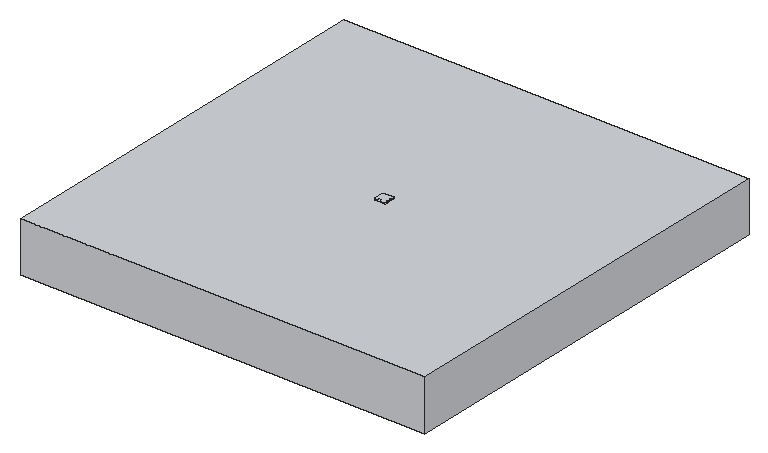
Revit family "Gira_015200", category Allgemeines Modell, Revit 2017
Family settings
  Basisbauteil = Fläche
  Kann Basisbauteil für Bewehrung sein = Nein
  Bemaßung runder Anschluss = Durchmesser verwenden
  Teiletyp = Normal
  Beim Laden mit Abzugskörper schneiden = Nein
  Gemeinsam genutzt = Nein
  Raumberechnungspunkt = Nein
Parameters
  With mounting plate = no
  With memory function = no
  With lighting = no
  With label area = no
  With glass breaking detector connection = no
  With brightness sensor connection = no
  With N-busbar = no
  With LED indication = no
  With Astro program = no
  Wiring system = "Intermediate switch"
  Washing machine switch = no
  Default Elevation = 1219.2 mm
  URL = "https://www.gira.de/"
  Typname = "Rocker btn NO con. s.sig. Insert"
  Type of load = "Universal"
  Type of lighting = "Not included"
  Type of fastening = "Mounting with claw and screw"
  Transparent = no
  Through loss at 860 MHz [B] = 0.1
  Through loss at 2150 MHz [B] = 0.1
  Temperature [Kelvin] = "[5:45]"
  Switch-off protection = no
  Surface protection = "Other"
  Surface finishing = "Not applicable"
  Suitable for wire wound low voltage transformer = yes
  Suitable for wind sensor = no
  Suitable for staircase time switch = no
  Suitable for rain sensor = no
  Suitable for fluorescent tube/energy-saving lamp = yes
  Suitable for electronic low voltage transformer = yes
  Suitable for degree of protection (IP) = "IP20"
  Suitable for 230 V incandescent lamp/halogen lamp = yes
  Substation input = yes
  Shielded housing = no
  Shielded buses = yes
  Serial dimmer = no
  Separate strain relief = yes
  Rated current = 10 A
  Random generator = no
  Push button switch = no
  Productwebsite = "http://katalog.gira.de/en/datenblatt.html?artikelnr=015200"
  Output voltage [Volt] = 5
  Other bus systems = "None"
  Operating voltage [Volt] = "[110:240]"
  Only suitable as substation = no
  Number of rockers = 1
  Number of outputs = 2
  Number of modules (module system) = 1
  Nominal voltage [Volt] 3 = "[230:230]"
  Nominal voltage [Volt] 2 = "[230:230]"
  Nominal voltage [Volt] = 250
  Mounting method shielding connection = "Screw"
  Mounting method = "Flush mounted (plaster)"
  Model = "Single push button"
  Min. depth of built-in installation box [m] = 0.024
  Method of operation = "Rocker"
  Mechanical coding = no
  Max. switching power [Voltampere] = 1000
  Max. output current = 1.4 A
  Material quality = "Other"
  Material = "Other"
  Light value memory = no
  Label space/information surface 7 = "No"
  Label space/information surface 6 = "No"
  Label space/information surface 5 = "No"
  Label space/information surface 4 = "No"
  Label space/information surface = no
  Integrated timer = no
  Input for substation = no
  Imprint = "None"
  Illumination = "Yes"
  Hersteller = "Gira"
  Halogen free = no
  HAN = "015200"
  GTIN = "4010337152002"
  Function lighting = "Illuminated (on)"
  Frequency [Hz] = "[50:60]"
  Forced switch off = no
  Feedback-signal contact = yes
  Dimming phase cut-on = yes
  Dimming phase cut-off = yes
  Degree of protection (IP) = "IP20"
  Data sheet = "https://katalog.gira.de/en/download.html?artikelnr=015200"
  Contacts = "1 make contact (NO)"
  Connection type = "Plug clamp"
  Colour = "Other"
  Category = "Other"
  Bus system radio frequent = no
  Bus system Powernet = no
  Bus system LON = no
  Bus system KNX radio = no
  Bus system KNX = yes
  Bus connection included = yes
  Beschreibung = "Rock.btn NO con.s.sig. Ins.,Rocker button insert 10 AX 250 V~,,NO contact, 1-pole with sep. signal contact,Notes :,- Can also be connected with illumination."
  BIM = "https://media.stage.bim.site/public/gira/290f3eb/Einsatz_1fach.rfa"
  Assembly arrangement = "Basic element"
  Applicable with transmission button = no
  Applicable with time switch/timer = no
  Applicable with presence indicator = yes
  Applicable with movement sensor = yes
  Applicable with infrared button = no
  Applicable with button = yes
  App control via Bluetooth = no
Reference planes
  plane 1 "Center (Front/Back)": y = 0
  plane 2: z = 0
  plane 3 "Center (Left/Right)": x = 0
Forms (mm)
  Extrusion 1, solid
    sketch origin (0, 0, 0) x (1, 0, 0) y (0, 1, 0)
      loop
        line (-1219.2, 1219.2) -> (-1219.2, -1219.2) -> (1219.2, -1219.2) -> (1219.2, 1219.2) -> (-1219.2, 1219.2)
    from 0 to -304.8
  Extrusion 2, solid, detail levels fine
    sketch origin (0, 0, 0) x (1, 0, 0) y (0, 1, 0)
      loop
        line (27.475, 35.475) -> (-27.475, 35.475)
        arc (-27.475, 35.475) -> (-33.132, 33.132) -> (-35.475, 27.475) r 8
        line (-35.475, 27.475) -> (-35.475, -27.475)
        arc (-35.475, -27.475) -> (-33.132, -33.132) -> (-27.475, -35.475) r 8
        line (-27.475, -35.475) -> (27.475, -35.475)
        arc (27.475, -35.475) -> (33.132, -33.132) -> (35.475, -27.475) r 8
        line (35.475, -27.475) -> (35.475, 27.475)
        arc (35.475, 27.475) -> (33.132, 33.132) -> (27.475, 35.475) r 8
    from 0 to 1.8
  Extrusion 3, solid, detail levels fine
    sketch origin (0, 0, 0) x (1, 0, 0) y (0, 1, 0)
      loop
        line (9.678, 25.4) -> (-9.678, 25.4)
        arc (-9.678, 25.4) -> (-12.885, 24.922) -> (-15.814, 23.53) r 11
        arc (-15.814, 23.53) -> (-17.795, 22.07) -> (-19.641, 20.444) r 28.35
        arc (-19.641, 20.444) -> (-21.339, 18.665) -> (-22.876, 16.745) r 28.35
        arc (-22.876, 16.745) -> (-24.456, 13.666) -> (-25, 10.248) r 11
        line (-25, 10.248) -> (-25, -10.248)
        arc (-25, -10.248) -> (-24.456, -13.666) -> (-22.876, -16.745) r 11
        arc (-22.876, -16.745) -> (-20.409, -19.677) -> (-17.569, -22.25) r 28.35
        line (-17.569, -22.25) -> (17.569, -22.25)
        arc (17.569, -22.25) -> (20.409, -19.677) -> (22.876, -16.745) r 28.35
        arc (22.876, -16.745) -> (24.456, -13.666) -> (25, -10.248) r 11
        line (25, -10.248) -> (25, 10.248)
        arc (25, 10.248) -> (24.456, 13.666) -> (22.876, 16.745) r 11
        arc (22.876, 16.745) -> (21.593, 18.37) -> (20.195, 19.897) r 28.35
        arc (20.195, 19.897) -> (18.096, 21.823) -> (15.814, 23.53) r 28.35
        arc (15.814, 23.53) -> (12.885, 24.922) -> (9.678, 25.4) r 11
    from 0 to -22
  Extrusion 4, solid, detail levels medium
    sketch origin (0, 0, 0) x (1, 0, 0) y (0, 1, 0)
      loop
        line (-25, 25.4) -> (-25, -22.25) -> (25, -22.25) -> (25, 25.4) -> (-25, 25.4)
    from 0 to -22
  Extrusion 5, solid, detail levels coarse
    sketch origin (0, 0, 0) x (1, 0, 0) y (0, 1, 0)
      loop
        line (35.475, 35.475) -> (-35.475, 35.475) -> (-35.475, -35.475) -> (35.475, -35.475) -> (35.475, 35.475)
    from -22 to 1.8
  Extrusion 6, solid, detail levels medium
    sketch origin (0, 0, 0) x (1, 0, 0) y (0, 1, 0)
      loop
        line (35.475, 35.475) -> (-35.475, 35.475) -> (-35.475, -35.475) -> (35.475, -35.475) -> (35.475, 35.475)
    from 0 to 1.8
Dimensions and locks
  aligned and locked: plane 2 to Extrusion 1
  aligned and locked: level to Extrusion 1
Connectors
  electrical at (0, 0, -22)
    settings: on Extrusion 5, index 1, voltage 220 V, apparent load 0 VA, apparent load phase1 0 VA, apparent load phase2 0 VA, apparent load phase3 0 VA, power factor 1, load classification "Other", number of poles 1, system type 30, power factor state 1, is connector primary yes, connector utility no, sub classification motor no, connector description ""
